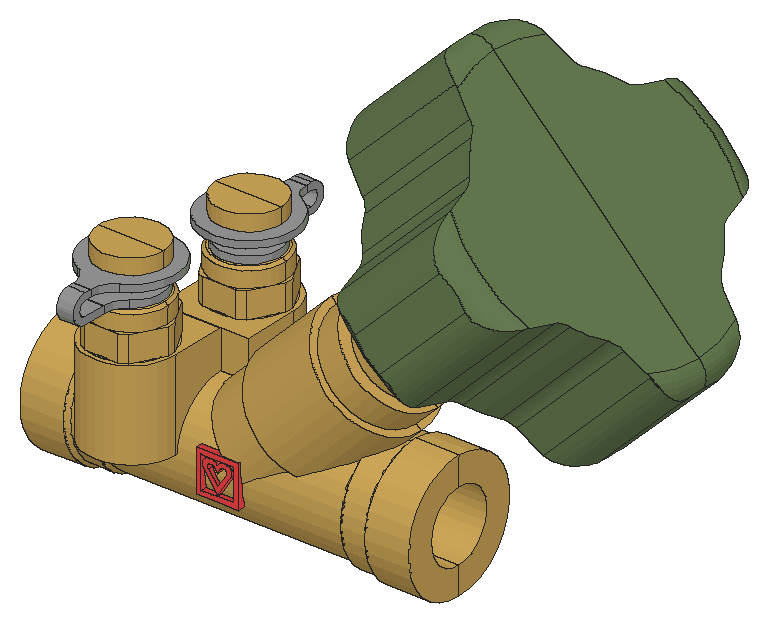
Revit family "Strangregulierventil mit Messblende für Trinkwasseranlagen 4017 MW", category Rohrzubehör, Revit 2021
Family settings
  Bemaßung runder Anschluss = Durchmesser verwenden
  Teiletyp = Unterbricht
  OmniClass-Nummer = 23.65.55.14
  OmniClass-Titel = Valves for Liquid Services
  Arbeitsebenenbasiert = Nein
  Immer vertikal = Ja
  Beim Laden mit Abzugskörper schneiden = Nein
  Gemeinsam genutzt = Nein
Parameters
  kvs-Wert [instance] = if(Nennweite = 15.000 mm, 2, if(Nennweite = 20.000 mm, 3.6, if(Nennweite = 25.000 mm, 6.5, if(Nennweite = 32.000 mm, 13.3, if(Nennweite = 40.000 mm, 18.5, if(Nennweite = 50.000 mm, 33, 0))))))  # 2
  kv-Wert der Blende [instance] = if(Nennweite = 15.000 mm, 1.95, if(Nennweite = 20.000 mm, 3.95, if(Nennweite = 25.000 mm, 7.9, if(Nennweite = 32.000 mm, 15.75, if(Nennweite = 40.000 mm, 21.5, if(Nennweite = 50.000 mm, 46.7, 0))))))  # 1.95
  W01 = 45.00°  # constant formula
  Vorgabe-Ansicht = 0.000 mm
  URL = "www.herz-armaturen.at"
  SW01 = 60.00°  # constant formula
  SCRNSEQ = "FW;SBT_TYP_FW=\"109\";2"
  SCRNCODE = "04;00;02"  # constant formula
  S03 = 60.000 mm  # constant formula
  S02 [instance] = L04 + L06 + L07  # 76.800 mm
  S01 [instance] = D01 * 2  # 27.000 mm
  R03 = 21.500 mm  # constant formula
  R02 = 9.500 mm  # constant formula
  R01 = 12.000 mm  # constant formula
  O-Ringe = "EPDM"  # constant formula
  Medium = "Trinkwasser"  # constant formula
  L10 [instance] = size_lookup("4017_MW_", "L10", 1.000 mm, Nennweite)  # 28.500 mm
  L09 [instance] = size_lookup("4017_MW_", "L9", 1.000 mm, Nennweite)  # 22.500 mm
  L08 [instance] = size_lookup("4017_MW_", "L8", 1.000 mm, Nennweite)  # 12.700 mm
  L07 [instance] = size_lookup("4017_MW_", "L7", 1.000 mm, Nennweite)  # 35.100 mm
  L06 [instance] = size_lookup("4017_MW_", "L6", 1.000 mm, Nennweite)  # 6.500 mm
  L05 [instance] = size_lookup("4017_MW_", "L5", 1.000 mm, Nennweite)  # 20.200 mm
  L04 [instance] = size_lookup("4017_MW_", "L4", 1.000 mm, Nennweite)  # 35.200 mm
  L03 [instance] = size_lookup("4017_MW_", "L3", 1.000 mm, Nennweite)  # 1.000 mm
  Hinweis = "Gemäß Art 33 der REACH-Verordnung (EG Nr. 1907/2006) sind wir verpflichtet, darauf hinzuweisen, dass der Stoff Blei auf der SVHC-Liste geführt wird und dass alle aus Messing bestehenden Bauteile, die in unseren Erzeugnissen verarbeitet sind, mehr als 0,1 % (w/w) Blei (CAS: 7439-92-1 / EINECS: 231-100-4) enthalten.\r\nDa Blei als Legierungsbestandteil fest gebunden ist, sind keine Expositionen zu erwarten und daher sind keine zusätzlichen Angaben zur sicheren Verwendung notwendig."
  Handrad = "Kunststoff, grün"  # constant formula
  H03 [instance] = H01 - 19.000 mm  # 1.000 mm
  H02 = 13.000 mm  # constant formula
  Gehäuse = "entzinkungsbeständiges Messing (DZR)"  # constant formula
  E01 [instance] = L00 / -2  # -41.500 mm
  E00 = 0.000 mm  # constant formula
  D09 [instance] = size_lookup("4017_MW_", "D9", 1.000 mm, Nennweite)  # 11.750 mm
  D08 [instance] = size_lookup("4017_MW_", "D8", 1.000 mm, Nennweite)  # 9.500 mm
  D07 [instance] = size_lookup("4017_MW_", "D7", 1.000 mm, Nennweite)  # 12.000 mm
  D06 [instance] = size_lookup("4017_MW_", "D6", 1.000 mm, Nennweite)  # 13.500 mm
  D05 [instance] = size_lookup("4017_MW_", "D5", 1.000 mm, Nennweite)  # 12.500 mm
  D04 [instance] = Nennweite / 2  # 7.500 mm
  IG [instance] = Nennweite / 2  # 7.500 mm
  D03 [instance] = size_lookup("4017_MW_", "D3", 1.000 mm, Nennweite)  # 11.900 mm
  D02 [instance] = size_lookup("4017_MW_", "D2", 1.000 mm, Nennweite)  # 12.700 mm
  D01 [instance] = size_lookup("4017_MW_", "D1", 1.000 mm, Nennweite)  # 13.500 mm
  Nennweite [instance] = 15.000 mm
  Max. Differenzdruck bei geschlossenen Sitz = 1000000.0 Pa  # constant formula
  Max. Betriebstemperatur bei 10 bar = 85 °C  # constant formula
  Max. Betriebsdruck bei 20°C = 2000000.0 Pa  # constant formula
  L02 [instance] = size_lookup("4017_MW_", "L2", 1.000 mm, Nennweite)  # 5.000 mm
  L01 [instance] = size_lookup("4017_MW_", "L1", 1.000 mm, Nennweite)  # 9.250 mm
  L00 [instance] = size_lookup("4017_MW_", "L", 1.000 mm, Nennweite)  # 83.000 mm
  Hersteller = "HERZ Armaturen Ges.m.b.H."  # constant formula
  H01 [instance] = size_lookup("4017_MW_", "H1", 1.000 mm, Nennweite)  # 20.000 mm
  GT [instance] = size_lookup("4017_MW_", "GT", 1.000 mm, Nennweite)  # 13.200 mm
  DN50 [instance] = Nennweite = 50.000 mm  # no
  DN40 [instance] = Nennweite = 40.000 mm  # no
  DN32 [instance] = Nennweite = 32.000 mm  # no
  DN25 [instance] = Nennweite = 25.000 mm  # no
  DN20 [instance] = Nennweite = 20.000 mm  # no
  DN15 [instance] = Nennweite = 15.000 mm  # yes
  Bestellnummer [instance] = size_lookup("4017_MW_", "Artnr", 0, Nennweite)  # 2401701
  Ausführung = "Nach Norm BS 7350 PN20 Serie B\r\nSchrägsitzregulierventil aus Kupferlegierung.\r\nAlle wasserberührten Metallteile sind aus entzinkungsbeständiger Kupferlegierung hergestellt.\r\nDie Oberteile sind mit nichtsteigender Spindel ausgestattet."
  Anwendungsgebiet = "Zum Absperren und Regulieren von Trinkwasseranlagen in Gebäuden bzw. zum hydraulischen Abgleich von Versorgungsleitungen."
Reference planes
  plane 1 "Mitte (Vorne/hinten)": y = 0
  plane 2: z = 0
  plane 3 "Mitte (Links/rechts)": x = 0
Forms (mm)
  Revolve 1, solid, material "Messing, weicher Gelbton, geschweißt", detail levels fine
    sketch origin (470, 0, 0) x (1, 0, 0) y (0, 0, 1)
      loop
        line (-511.5, 7.5) -> (-498.3, 7.5) -> (-498.3, 0) -> (-441.7, 0) -> (-441.7, 7.5) -> (-428.5, 7.5) -> (-428.5, 13.5) -> (-437.75, 13.5) -> (-438.55, 12.7) -> (-443.55, 12.7) -> (-444.35, 11.9) -> (-495.65, 11.9) -> (-496.45, 12.7) -> (-501.45, 12.7) -> (-502.25, 13.5) -> (-511.5, 13.5) -> (-511.5, 7.5)
      axis (-511.5, 0) -> (-428.5, 0)
    angle from 0 to 360
  Revolve 2, solid, material "Messing, weicher Gelbton, geschweißt", detail levels fine
    sketch origin (0.32, 0, -0.105) x (1, 0, 0) y (0, 0, 1)
      loop
        line (-1.32, 0.105) -> (52.986, 54.411) -> (44.677, 62.719) -> (35.697, 53.739) -> (37.288, 52.148) -> (21.449, 36.309) -> (19.681, 38.076) -> (15.085, 33.48) -> (14.024, 34.541) -> (-0.259, 20.257) -> (0.448, 19.55) -> (-7.098, 12.005) -> (-6.623, 5.408) -> (-1.32, 0.105)
      axis (-1.32, 0.105) -> (52.986, 54.411)
    angle from 0 to 360
  Extrusion 3, solid, material "Messing, weicher Gelbton, geschweißt", detail levels fine
    sketch origin (0, 0, 0) x (1, 0, 0) y (0, 1, 0)
      loop
        arc (-28.5, -12) -> (-19, -21.5) -> (-9.5, -12) r 9.5
        line (-9.5, -12) -> (-9.5, 0) -> (-28.5, 0) -> (-28.5, -12)
    from 1 <- "H03" to 20 <- "H01"
  Extrusion 4, solid, material "Messing, weicher Gelbton, geschweißt", detail levels fine
    sketch origin (0, 0, 0) x (1, 0, 0) y (0, 1, 0)
      loop
        line (-22.5, 12) -> (-22.5, 0) -> (-3.5, 0) -> (-3.5, 12)
        arc (-3.5, 12) -> (-13, 21.5) -> (-22.5, 12) r 9.5
    from 0 to 20 <- "H01"
Lines and regions (mm)
  model lines, detail levels coarse+medium
    curve 1: line (-41.5, 0, 13.5) -> (-41.5, 0, -13.5)
    curve 2: line (-41.5, 0, -13.5) -> (41.5, 0, 13.5)
    curve 3: line (41.5, 0, 13.5) -> (41.5, 0, -13.5)
    curve 4: line (41.5, 0, -13.5) -> (-41.5, 0, 13.5)
    curve 5: line (0, 0, 0) -> (38.4, 0, 66.511)
    curve 6: line (12.419, 0, 81.511) -> (64.381, 0, 51.511)
    curve 7: line (-41.5, -13.5, 0) -> (-41.5, 13.5, 0)
    curve 8: line (-41.5, 13.5, 0) -> (41.5, -13.5, 0)
    curve 9: line (41.5, -13.5, 0) -> (41.5, 13.5, 0)
    curve 10: line (41.5, 13.5, 0) -> (-41.5, -13.5, 0)
    curve 11: line (0, 0, 0) -> (38.4, 66.511, 0)
    curve 12: line (12.419, 81.511, 0) -> (64.381, 51.511, 0)
Dimensions and locks
  "L00": Revolve 1 sketch curve to Revolve 1 sketch curve
  equal spacing: Revolve 1 sketch curve, plane 3 "Mitte (Links/rechts)", Revolve 1 sketch curve
  "D01": Revolve 1 sketch curve to Revolve 1 sketch curve  (x2)
  "GT": Revolve 1 sketch curve to Revolve 1 sketch curve  (x2)
  "D06": Revolve 2 sketch curve to Revolve 2 sketch curve
  "D07": Revolve 2 sketch curve to Revolve 2 sketch curve
  "D08": Revolve 2 sketch curve to Revolve 2 sketch curve
  "D09": Revolve 2 sketch curve to Revolve 2 sketch curve
  equal spacing: curve 1, plane 3 "Mitte (Links/rechts)", curve 3
  "L00": curve 1 to curve 3
  equal spacing: curve 4, plane 2, curve 2
  "S01": curve 4 to curve 1
  "S01": curve 3 to curve 4
  equal spacing: curve 3, plane 2, curve 4
  "S02": curve 5 to curve 5
  equal spacing: curve 6, curve 5, curve 6
  "S03": curve 6 to curve 6
  equal spacing: curve 7, plane 3 "Mitte (Links/rechts)", curve 9
  "L00": curve 7 to curve 9
  equal spacing: curve 10, plane 1 "Mitte (Vorne/hinten)", curve 8
  "S01": curve 8 to curve 10
  equal spacing: curve 9, plane 1 "Mitte (Vorne/hinten)", curve 10
  "S01": curve 10 to curve 9
  "S02": curve 11 to curve 11
  equal spacing: curve 12, curve 11, curve 12
  "S03": curve 12 to curve 12
  "L01": Revolve 1 sketch curve to Revolve 1 sketch curve  (x2)
  "D02": Revolve 1 sketch curve to plane 2  (x2)
  "D03": Revolve 1 sketch curve to plane 2
  "IG": Revolve 1 sketch curve to plane 2  (x2)
  "L02": Revolve 1 sketch curve to Revolve 1 sketch curve  (x2)
  "L04": Revolve 2 sketch curve to Revolve 2 sketch curve
  "L05": Revolve 2 sketch curve to Revolve 2 sketch curve
  "D03": Revolve 2 sketch curve to plane 2
  "L06": Revolve 2 sketch curve to Revolve 2 sketch curve
  "L08": Revolve 2 sketch curve to Revolve 2 sketch curve
  "L07": Revolve 2 sketch curve to Revolve 2 sketch curve
  "D04": Revolve 2 sketch curve to Revolve 2 sketch curve
  "D05": Revolve 2 sketch curve to Revolve 2 sketch curve
  "L03": plane 3 "Mitte (Links/rechts)" to Revolve 2 sketch curve  (x2)
  "D03": nested 1 to plane 1 "Mitte (Vorne/hinten)"
  "L09": Revolve 1 to Extrusion 3 sketch curve
  "R01": Extrusion 3 sketch curve to plane 1 "Mitte (Vorne/hinten)"
  "R01": plane 1 "Mitte (Vorne/hinten)" to Extrusion 4 sketch curve
  "L10": Revolve 1 to Extrusion 4 sketch curve
  "H01": nested 3 to plane 2
  "H01": nested 2 to plane 2
  "R01": nested 3 to plane 1 "Mitte (Vorne/hinten)"
  "R01": plane 1 "Mitte (Vorne/hinten)" to nested 2
  "L10": Revolve 1 to nested 2
  "L09": Revolve 1 to nested 3
  "R02": radius of Extrusion 3 sketch curve
  "R02": radius of Extrusion 4 sketch curve
  "W01": angle level to Revolve 2 sketch curve
  "SW01": angle plane 2 to curve 5
  "SW01": angle plane 1 "Mitte (Vorne/hinten)" to curve 11
  "W01": angle Revolve 1 sketch curve to Revolve 1 sketch curve  (x4)
  "W01": angle plane 2 to Revolve 2 sketch curve
  aligned and locked: level to plane 2
Automatic sketch dimensions
  curve 5 to level = 0.000 mm
  plane 1 "Mitte (Vorne/hinten)" to curve 11 = 0.000 mm
  Revolve 1 sketch curve to level = 0.000 mm  (x2)
  Revolve 1 sketch curve to Revolve 1 sketch curve = 791.990 mm
  Revolve 1 sketch curve to Revolve 1 sketch curve = 2278.983 mm
  Revolve 2 sketch curve to level = 0.000 mm  (x2)
  plane 1 "Mitte (Vorne/hinten)" to Extrusion 3 sketch curve = 0.000 mm
  plane 1 "Mitte (Vorne/hinten)" to Extrusion 4 sketch curve = 0.000 mm
Nested families
  nested 1: "Herz-Logo-vorne" at (0, -11.9, 0) x (0, 1, 0) z (0, 0, 1), type "Herz-Logo-vorne", detail levels fine
  nested 2: "Messstutzen_Band_Austritt_senkrecht_(oben)" at (-13, 12, 2.5), type "Messstutzen_Band_Austritt_senkrecht_(oben)"
    with Schutzkappe yes, Nennweite 0.000 mm, Gewicht 0.00 kg, Bestellnummer 0
  nested 3: "Messstutzen_Band_Eintritt_senkrecht_(oben)" at (-19, -12, 2.5) x (-1, 0, 0) z (0, 0, 1), type "Messstutzen_Band_Eintritt_senkrecht_(oben)"
    with Schutzkappe yes, Nennweite 0.000 mm, Gewicht 0.00 kg, Bestellnummer 0
  nested 4: "Strangregulierventil-Handrad (Grün) DN15-DN32" at (53.306, 0, 54.306), visible <- "DN15", type "Strangregulierventil-Handrad (Grün) DN15-DN32"
    with Nennweite 0.000 mm, Gewicht 0.00 kg, Bestellnummer 0
  nested 5: "Strangregulierventil-Handrad (Grün) DN15-DN32" at (55.846, 0, 56.846), visible <- "DN20", type "Strangregulierventil-Handrad (Grün) DN15-DN32"
    with Nennweite 0.000 mm, Gewicht 0.00 kg, Bestellnummer 0
  nested 6: "Strangregulierventil-Handrad (Grün) DN15-DN32" at (64.569, 0, 70.069), visible <- "DN25", type "Strangregulierventil-Handrad (Grün) DN15-DN32"
    with Nennweite 0.000 mm, Gewicht 0.00 kg, Bestellnummer 0
  nested 7: "Strangregulierventil-Handrad (Grün) DN15-DN32" at (67.426, 0, 76.226), visible <- "DN32", type "Strangregulierventil-Handrad (Grün) DN15-DN32"
    with Nennweite 0.000 mm, Gewicht 0.00 kg, Bestellnummer 0
  nested 8: "Strangregulierventil-Handrad (Grün) DN40-DN50" at (76.747, 0, 88.247), visible <- "DN40", type "Strangregulierventil-Handrad (Grün) DN40-DN50"
    with Nennweite 0.000 mm, Gewicht 0.00 kg, Bestellnummer 0
  nested 9: "Strangregulierventil-Handrad (Grün) DN40-DN50" at (75.124, 0, 91.924), visible <- "DN50", type "Strangregulierventil-Handrad (Grün) DN40-DN50"
    with Nennweite 0.000 mm, Gewicht 0.00 kg, Bestellnummer 0
Connectors
  piping at (-28.3, 0, 0), diameter 15, driven by "Nennweite"
    settings: on Revolve 1, index 1, connector inside diameter 609.6 mm, connector length 0.000 mm, flow factor 0, pipe flow 0.0 L/s, pressure drop 0.0 Pa, fitting loss kfactor 0, connector angle 0.00°, fixture units 0, engagement length 0.000 mm, angle of deflection 0.00°, flow configuration 0, flow direction 1, fitting loss method 0, system type 29, joint type 0, gender type 0, connector reference index -1, connector utility 0, adjustable connector no, is connector primary yes, connector description ""
  piping at (28.3, 0, 0), diameter 15, driven by "Nennweite"
    settings: on Revolve 1, index 2, connector inside diameter 609.6 mm, connector length 0.000 mm, flow factor 0, pipe flow 0.0 L/s, pressure drop 0.0 Pa, fitting loss kfactor 0, connector angle 0.00°, fixture units 0, engagement length 0.000 mm, angle of deflection 0.00°, flow configuration 0, flow direction 2, fitting loss method 0, system type 29, joint type 0, gender type 0, connector reference index -1, connector utility 0, adjustable connector no, is connector primary no, connector description ""
Definition of nested family "Herz-Logo-vorne"
  Parameters (values of type "Herz-Logo-vorne")
    Default Elevation = 0.000 mm
  Reference planes
    plane 1 "Mitte (Vorne/hinten)": y = 0
    plane 2: z = 0
    plane 3 "Mitte (Links/rechts)": x = 0
  Forms (mm)
    Extrusion 1, solid
      sketch origin (0.732, -0.018, 0.017) x (0, -1, 0) y (0, 0, 1)
        loop
          line (-0.018, -4.517) -> (4.482, -4.517) -> (4.482, 4.483) -> (-4.518, 4.483) -> (-4.518, -4.517) -> (-0.018, -4.517)
        loop
          line (-0.05, -3.48) -> (3.482, -3.48) -> (3.482, 3.483) -> (-3.518, 3.483) -> (-3.518, -3.48) -> (-0.05, -3.48)
        loop
          arc (-0.018, 2.383) -> (-1.543, 3.287) -> (-3.067, 2.383) r 1.738
          arc (-3.067, 2.383) -> (-3.191, 1.899) -> (-3.067, 1.415) r 1.009
          line (-3.067, 1.415) -> (-0.018, -3.281) -> (3.032, 1.415)
          arc (3.032, 1.415) -> (3.156, 1.899) -> (3.032, 2.383) r 1.009
          arc (3.032, 2.383) -> (1.507, 3.287) -> (-0.018, 2.383) r 1.738
        loop
          arc (1.885, 1.272) -> (2.005, 1.675) -> (1.885, 2.079) r 0.74
          arc (1.885, 2.079) -> (1.265, 2.416) -> (0.644, 2.079) r 0.74
          line (0.644, 2.079) -> (-0.018, 0.97) -> (-0.679, 2.079)
          arc (-0.679, 2.079) -> (-1.3, 2.416) -> (-1.921, 2.079) r 0.74
          arc (-1.921, 2.079) -> (-2.04, 1.675) -> (-1.921, 1.272) r 0.74
          line (-1.921, 1.272) -> (-0.018, -1.658) -> (1.885, 1.272)
      from 0 to 1.5
  Dimensions and locks
    aligned and locked: level to plane 2
Definition of nested family "Messstutzen_Band_Austritt_senkrecht_(oben)"
  Parameters (values of type "Messstutzen_Band_Austritt_senkrecht_(oben)")
    Default Elevation = 0.000 mm
    URL = "www.herz-armaturen.at"
    Schutzkappe [instance] = yes
    Nennweite [instance] = 0.000 mm
    Manufacturer = "Herz Armaturen GmbH"  # constant formula
    Gewicht [instance] = 0.00 kg
    Bestellnummer [instance] = 0
  Reference planes
    plane 1 "Mitte (Vorne/hinten)": y = 0
    plane 2: z = 0
    plane 3 "Mitte (Links/rechts)": x = 0
    plane 4 "Schlaufe 1": z = -27
    plane 5 "Schlaufe 2": z = -31.678
  Forms (mm)
    Revolve 1, solid, detail levels fine
      sketch origin (0, 0, 0) x (1, 0, 0) y (0, 0, 1)
        loop
          line (-7.4, 9) -> (-5.55, 9) -> (-5.55, 6)
          arc (-5.55, 6) -> (-5.626, 5.617) -> (-5.843, 5.293) r 1
          line (-5.843, 5.293) -> (-6.455, 4.681) -> (-6.455, 0.9) -> (-5.555, 0) -> (-2, 0) -> (-2, 17.5) -> (-8.4, 17.5)
          arc (-8.4, 17.5) -> (-7.693, 17.207) -> (-7.4, 16.5) r 1
          line (-7.4, 16.5) -> (-7.4, 9)
        loop
          line (-3.7, 27) -> (-7.3, 27) -> (-7.9, 26.4) -> (-7.9, 23) -> (-2, 23) -> (-2, 35.8) -> (-3.805, 35.8) -> (-4.415, 35.19) -> (-4.415, 30.863) -> (-3.7, 30.45) -> (-3.7, 27)
        axis (0, 0) -> (0, 35.8)
      angle from 0 to 360
    Extrusion 2, solid, detail levels fine
      sketch origin (0, 0, 17.5) x (0, 1, 0) y (-1, 0, 0)
        loop
          arc (-7.07, 5.156) -> (-7.578, 4.375) -> (-8, 3.544) r 8.75
          line (-8, 3.544) -> (-8, -3.544)
          arc (-8, -3.544) -> (-7.578, -4.375) -> (-7.07, -5.156) r 8.75
          line (-7.07, -5.156) -> (-0.93, -8.7)
          arc (-0.93, -8.7) -> (0, -8.75) -> (0.93, -8.7) r 8.75
          line (0.93, -8.7) -> (7.07, -5.156)
          arc (7.07, -5.156) -> (7.578, -4.375) -> (8, -3.544) r 8.75
          line (8, -3.544) -> (8, 3.544)
          arc (8, 3.544) -> (7.578, 4.375) -> (7.07, 5.156) r 8.75
          line (7.07, 5.156) -> (0.93, 8.7)
          arc (0.93, 8.7) -> (0, 8.75) -> (-0.93, 8.7) r 8.75
          line (-0.93, 8.7) -> (-7.07, 5.156)
      from 0 to 5.5
    Revolve 3, solid, visible <- "Schutzkappe", detail levels fine
      sketch origin (0, 0, 0) x (1, 0, 0) y (0, 0, 1)
        loop
          line (0, 35.878) -> (0, 36.678) -> (-7, 36.678) -> (-7, 33.378) -> (-6.1, 33.378) -> (-6.1, 31.678) -> (-6.9, 31.678) -> (-6.9, 30.178) -> (-4.415, 30.178) -> (-4.415, 35.268) -> (-3.805, 35.878) -> (0, 35.878)
        axis (0, 30.178) -> (0, 36.678)
      angle from 0 to 360
    Extrusion 4, solid, detail levels fine
      sketch origin (0, 0, 28.5) x (1, 0, 0) y (0, 1, 0)
        loop
          circle (0, 0) r 3.7
        loop
          arc (-3.906, 5.505) -> (0, -6.75) -> (3.906, 5.505) r 6.75
          arc (3.906, 5.505) -> (2.358, 7.288) -> (1.8, 9.582) r 5
          line (1.8, 9.582) -> (-1.8, 9.582)
          arc (-1.8, 9.582) -> (-2.358, 7.288) -> (-3.906, 5.505) r 5
      from 0 to -1.5
    Extrusion 5, solid, detail levels fine
      sketch origin (0, 0, 33.178) x (1, 0, 0) y (0, 1, 0)
        loop
          circle (0, 0) r 6.1
        loop
          arc (-4.495, 8.652) -> (0, -9.75) -> (4.495, 8.652) r 9.75
          arc (4.495, 8.652) -> (2.527, 10.493) -> (1.8, 13.089) r 5
          line (1.8, 13.089) -> (-1.8, 13.089)
          arc (-1.8, 13.089) -> (-2.527, 10.493) -> (-4.495, 8.652) r 5
      from 0 to -1.5
    Sweep 6, solid, detail levels fine
      path origin (0, 0, 0) x (0, 0, -1) y (0, -1, 0)
        loop
          line (-27.75, -9.582) -> (-27.75, -14.522)
          arc (-27.75, -14.522) -> (-30.089, -16.862) -> (-32.428, -14.522) r 2.339
          line (-32.428, -14.522) -> (-32.428, -13.089)
      profile origin (0, 12.052, 27.75) x (0, 0, 1) y (1, 0, 0)
        loop
          line (-0.75, -1.8) -> (0.75, -1.8) -> (0.75, 1.8) -> (-0.75, 1.8) -> (-0.75, -1.8)
  Dimensions and locks
    aligned and locked: level to plane 2
Definition of nested family "Messstutzen_Band_Eintritt_senkrecht_(oben)"
  Parameters (values of type "Messstutzen_Band_Eintritt_senkrecht_(oben)")
    Default Elevation = 0.000 mm
    URL = "www.herz-armaturen.at"
    Schutzkappe [instance] = yes
    Nennweite [instance] = 0.000 mm
    Manufacturer = "Herz Armaturen GmbH"  # constant formula
    Gewicht [instance] = 0.00 kg
    Bestellnummer [instance] = 0
  Reference planes
    plane 1 "Mitte (Vorne/hinten)": y = 0
    plane 2: z = 0
    plane 3 "Mitte (Links/rechts)": x = 0
    plane 4 "Schlaufe 1": z = -27
    plane 5 "Schlaufe 2": z = -31.678
  Forms (mm)
    Revolve 1, solid, detail levels fine
      sketch origin (0, 0, 0) x (1, 0, 0) y (0, 0, 1)
        loop
          line (-7.4, 9) -> (-5.55, 9) -> (-5.55, 6)
          arc (-5.55, 6) -> (-5.626, 5.617) -> (-5.843, 5.293) r 1
          line (-5.843, 5.293) -> (-6.455, 4.681) -> (-6.455, 0.9) -> (-5.555, 0) -> (-2, 0) -> (-2, 17.5) -> (-8.4, 17.5)
          arc (-8.4, 17.5) -> (-7.693, 17.207) -> (-7.4, 16.5) r 1
          line (-7.4, 16.5) -> (-7.4, 9)
        loop
          line (-3.7, 27) -> (-7.3, 27) -> (-7.9, 26.4) -> (-7.9, 23) -> (-2, 23) -> (-2, 35.8) -> (-3.805, 35.8) -> (-4.415, 35.19) -> (-4.415, 30.863) -> (-3.7, 30.45) -> (-3.7, 27)
        axis (0, 0) -> (0, 35.8)
      angle from 0 to 360
    Extrusion 2, solid, detail levels fine
      sketch origin (0, 0, 17.5) x (0, 1, 0) y (-1, 0, 0)
        loop
          arc (-7.07, 5.156) -> (-7.578, 4.375) -> (-8, 3.544) r 8.75
          line (-8, 3.544) -> (-8, -3.544)
          arc (-8, -3.544) -> (-7.578, -4.375) -> (-7.07, -5.156) r 8.75
          line (-7.07, -5.156) -> (-0.93, -8.7)
          arc (-0.93, -8.7) -> (0, -8.75) -> (0.93, -8.7) r 8.75
          line (0.93, -8.7) -> (7.07, -5.156)
          arc (7.07, -5.156) -> (7.578, -4.375) -> (8, -3.544) r 8.75
          line (8, -3.544) -> (8, 3.544)
          arc (8, 3.544) -> (7.578, 4.375) -> (7.07, 5.156) r 8.75
          line (7.07, 5.156) -> (0.93, 8.7)
          arc (0.93, 8.7) -> (0, 8.75) -> (-0.93, 8.7) r 8.75
          line (-0.93, 8.7) -> (-7.07, 5.156)
      from 0 to 5.5
    Revolve 3, solid, visible <- "Schutzkappe", detail levels fine
      sketch origin (0, 0, 0) x (1, 0, 0) y (0, 0, 1)
        loop
          line (0, 35.878) -> (0, 36.678) -> (-7, 36.678) -> (-7, 33.378) -> (-6.1, 33.378) -> (-6.1, 31.678) -> (-6.9, 31.678) -> (-6.9, 30.178) -> (-4.415, 30.178) -> (-4.415, 35.268) -> (-3.805, 35.878) -> (0, 35.878)
        axis (0, 30.178) -> (0, 36.678)
      angle from 0 to 360
    Extrusion 4, solid, detail levels fine
      sketch origin (0, 0, 28.5) x (1, 0, 0) y (0, 1, 0)
        loop
          circle (0, 0) r 3.7
        loop
          arc (-3.906, 5.505) -> (0, -6.75) -> (3.906, 5.505) r 6.75
          arc (3.906, 5.505) -> (2.358, 7.288) -> (1.8, 9.582) r 5
          line (1.8, 9.582) -> (-1.8, 9.582)
          arc (-1.8, 9.582) -> (-2.358, 7.288) -> (-3.906, 5.505) r 5
      from 0 to -1.5
    Extrusion 5, solid, detail levels fine
      sketch origin (0, 0, 33.178) x (1, 0, 0) y (0, 1, 0)
        loop
          circle (0, 0) r 6.1
        loop
          arc (-4.495, 8.652) -> (0, -9.75) -> (4.495, 8.652) r 9.75
          arc (4.495, 8.652) -> (2.527, 10.493) -> (1.8, 13.089) r 5
          line (1.8, 13.089) -> (-1.8, 13.089)
          arc (-1.8, 13.089) -> (-2.527, 10.493) -> (-4.495, 8.652) r 5
      from 0 to -1.5
    Sweep 6, solid, detail levels fine
      path origin (0, 0, 0) x (0, 0, -1) y (0, -1, 0)
        loop
          line (-27.75, -9.582) -> (-27.75, -14.522)
          arc (-27.75, -14.522) -> (-30.089, -16.862) -> (-32.428, -14.522) r 2.339
          line (-32.428, -14.522) -> (-32.428, -13.089)
      profile origin (0, 12.052, 27.75) x (0, 0, 1) y (1, 0, 0)
        loop
          line (-0.75, -1.8) -> (0.75, -1.8) -> (0.75, 1.8) -> (-0.75, 1.8) -> (-0.75, -1.8)
  Dimensions and locks
    aligned and locked: level to plane 2
Definition of nested family "Strangregulierventil-Handrad (Grün) DN15-DN32"
  Parameters (values of type "Strangregulierventil-Handrad (Grün) DN15-DN32")
    Default Elevation = 0.000 mm
    URL = "www.herz-armaturen.at"
    Nennweite [instance] = 0.000 mm
    Manufacturer = "Herz Armaturen GmbH"  # constant formula
    Gewicht [instance] = 0.00 kg
    Bestellnummer [instance] = 0
  Reference planes
    plane 1 "Mitte (Vorne/hinten)": y = 0
    plane 2: z = 0
    plane 3 "Mitte (Links/rechts)": x = 0
  Forms (mm)
    Revolve 1, solid, detail levels fine
      sketch origin (0, 0, 0) x (0.707107, 0, -0.707107) y (0.707107, 0, 0.707107)
        loop
          line (0, 0) -> (0, 24.95) -> (-30.992, 24.95)
          arc (-30.992, 24.95) -> (-34.37, 23.636) -> (-35.973, 20.386) r 5
          line (-35.973, 20.386) -> (-37, 8.65) -> (-35.986, -2.936)
          arc (-35.986, -2.936) -> (-34.383, -6.186) -> (-31.005, -7.5) r 5
          line (-31.005, -7.5) -> (-15, -7.5) -> (-15, 0) -> (0, 0)
        axis (0, 24.95) -> (0, -7.5)
      angle from 0 to 360
    Extrusion 2, void
      sketch origin (14.354, 0, 14.354) x (0.707107, 0, -0.707107) y (0, 1, 0)
        loop
          line (3.861, 35.5) -> (-3.861, 35.5)
          arc (-3.861, 35.5) -> (-8.731, 33.847) -> (-11.589, 29.571) r 8
          line (-11.589, 29.571) -> (-13.284, 23.245)
          arc (-13.284, 23.245) -> (-13.982, 21.722) -> (-15.144, 20.516) r 5
          arc (-15.144, 20.516) -> (-18.031, 18.031) -> (-20.516, 15.144) r 25.5
          arc (-20.516, 15.144) -> (-21.722, 13.982) -> (-23.245, 13.284) r 5
          line (-23.245, 13.284) -> (-29.571, 11.589)
          arc (-29.571, 11.589) -> (-33.847, 8.731) -> (-35.5, 3.861) r 8
          line (-35.5, 3.861) -> (-35.5, -3.861)
          arc (-35.5, -3.861) -> (-33.847, -8.731) -> (-29.571, -11.589) r 8
          line (-29.571, -11.589) -> (-23.245, -13.284)
          arc (-23.245, -13.284) -> (-21.722, -13.982) -> (-20.516, -15.144) r 5
          arc (-20.516, -15.144) -> (-18.031, -18.031) -> (-15.144, -20.516) r 25.5
          arc (-15.144, -20.516) -> (-13.982, -21.722) -> (-13.284, -23.245) r 5
          line (-13.284, -23.245) -> (-11.589, -29.571)
          arc (-11.589, -29.571) -> (-8.731, -33.847) -> (-3.861, -35.5) r 8
          line (-3.861, -35.5) -> (3.861, -35.5)
          arc (3.861, -35.5) -> (8.731, -33.847) -> (11.589, -29.571) r 8
          line (11.589, -29.571) -> (13.284, -23.245)
          arc (13.284, -23.245) -> (13.982, -21.722) -> (15.144, -20.516) r 5
          arc (15.144, -20.516) -> (18.031, -18.031) -> (20.516, -15.144) r 25.5
          arc (20.516, -15.144) -> (21.722, -13.982) -> (23.245, -13.284) r 5
          line (23.245, -13.284) -> (29.571, -11.589)
          arc (29.571, -11.589) -> (33.847, -8.731) -> (35.5, -3.861) r 8
          line (35.5, -3.861) -> (35.5, 3.861)
          arc (35.5, 3.861) -> (33.847, 8.731) -> (29.571, 11.589) r 8
          line (29.571, 11.589) -> (23.245, 13.284)
          arc (23.245, 13.284) -> (21.722, 13.982) -> (20.516, 15.144) r 5
          arc (20.516, 15.144) -> (18.031, 18.031) -> (15.144, 20.516) r 25.5
          arc (15.144, 20.516) -> (13.982, 21.722) -> (13.284, 23.245) r 5
          line (13.284, 23.245) -> (11.589, 29.571)
          arc (11.589, 29.571) -> (8.731, 33.847) -> (3.861, 35.5) r 8
        loop
          circle (0, 0) r 38
      from -31.266 to 7.923
  Cuts and joins
    Extrusion 2 cuts Revolve 1
  Dimensions and locks
    Revolve 1 sketch curve to Revolve 1 sketch curve = 15.000 mm
    Revolve 1 sketch curve to Revolve 1 sketch curve = 16.150 mm
    Revolve 1 sketch curve to Revolve 1 sketch curve = 16.300 mm
    angle Revolve 1 sketch curve to Revolve 1 sketch curve = 95.00°
    aligned and locked: level to plane 2
Definition of nested family "Strangregulierventil-Handrad (Grün) DN40-DN50"
  Parameters (values of type "Strangregulierventil-Handrad (Grün) DN40-DN50")
    Default Elevation = 0.000 mm
    URL = "www.herz-armaturen.at"
    Nennweite [instance] = 0.000 mm
    Manufacturer = "Herz Armaturen GmbH"  # constant formula
    Gewicht [instance] = 0.00 kg
    Bestellnummer [instance] = 0
  Reference planes
    plane 1 "Mitte (Vorne/hinten)": y = 0
    plane 2: z = 0
    plane 3 "Mitte (Links/rechts)": x = 0
  Forms (mm)
    Revolve 1, solid, detail levels fine
      sketch origin (0, 0, 0) x (0.707107, 0, -0.707107) y (0.707107, 0, 0.707107)
        loop
          line (0, 0) -> (0, 24.95) -> (-50.992, 24.95)
          arc (-50.992, 24.95) -> (-54.37, 23.636) -> (-55.973, 20.386) r 5
          line (-55.973, 20.386) -> (-57, 8.65) -> (-55.986, -2.936)
          arc (-55.986, -2.936) -> (-54.383, -6.186) -> (-51.005, -7.5) r 5
          line (-51.005, -7.5) -> (-15, -7.5) -> (-15, 0) -> (0, 0)
        axis (0, 24.95) -> (0, -7.5)
      angle from 0 to 360
    Extrusion 2, void
      sketch origin (14.354, 0, 14.354) x (0.707107, 0, -0.707107) y (0, 1, 0)
        loop
          line (-55, 6.292) -> (-55, -6.292)
          arc (-55, -6.292) -> (-52.52, -13.597) -> (-46.106, -17.883) r 12
          line (-46.106, -17.883) -> (-35.399, -20.752)
          arc (-35.399, -20.752) -> (-33.541, -21.612) -> (-32.08, -23.047) r 6
          arc (-32.08, -23.047) -> (-27.931, -27.931) -> (-23.047, -32.08) r 39.5
          arc (-23.047, -32.08) -> (-21.612, -33.541) -> (-20.752, -35.399) r 6
          line (-20.752, -35.399) -> (-17.883, -46.106)
          arc (-17.883, -46.106) -> (-13.597, -52.52) -> (-6.292, -55) r 12
          line (-6.292, -55) -> (6.292, -55)
          arc (6.292, -55) -> (13.597, -52.52) -> (17.883, -46.106) r 12
          line (17.883, -46.106) -> (20.752, -35.399)
          arc (20.752, -35.399) -> (21.612, -33.541) -> (23.047, -32.08) r 6
          arc (23.047, -32.08) -> (27.931, -27.931) -> (32.08, -23.047) r 39.5
          arc (32.08, -23.047) -> (33.541, -21.612) -> (35.399, -20.752) r 6
          line (35.399, -20.752) -> (46.106, -17.883)
          arc (46.106, -17.883) -> (52.52, -13.597) -> (55, -6.292) r 12
          line (55, -6.292) -> (55, 6.292)
          arc (55, 6.292) -> (52.52, 13.597) -> (46.106, 17.883) r 12
          line (46.106, 17.883) -> (35.399, 20.752)
          arc (35.399, 20.752) -> (33.541, 21.612) -> (32.08, 23.047) r 6
          arc (32.08, 23.047) -> (27.931, 27.931) -> (23.047, 32.08) r 39.5
          arc (23.047, 32.08) -> (21.612, 33.541) -> (20.752, 35.399) r 6
          line (20.752, 35.399) -> (17.883, 46.106)
          arc (17.883, 46.106) -> (13.597, 52.52) -> (6.292, 55) r 12
          line (6.292, 55) -> (-6.292, 55)
          arc (-6.292, 55) -> (-13.597, 52.52) -> (-17.883, 46.106) r 12
          line (-17.883, 46.106) -> (-20.752, 35.399)
          arc (-20.752, 35.399) -> (-21.612, 33.541) -> (-23.047, 32.08) r 6
          arc (-23.047, 32.08) -> (-27.931, 27.931) -> (-32.08, 23.047) r 39.5
          arc (-32.08, 23.047) -> (-33.541, 21.612) -> (-35.399, 20.752) r 6
          line (-35.399, 20.752) -> (-46.106, 17.883)
          arc (-46.106, 17.883) -> (-52.52, 13.597) -> (-55, 6.292) r 12
        loop
          circle (0, 0) r 60
      from -31.161 to 7.489
  Cuts and joins
    Extrusion 2 cuts Revolve 1
  Dimensions and locks
    Revolve 1 sketch curve to Revolve 1 sketch curve = 15.000 mm
    Revolve 1 sketch curve to Revolve 1 sketch curve = 16.150 mm
    Revolve 1 sketch curve to Revolve 1 sketch curve = 16.300 mm
    Revolve 1 sketch curve to Revolve 1 sketch curve = 57.000 mm
    angle Revolve 1 sketch curve to Revolve 1 sketch curve = 95.00°
    aligned and locked: level to plane 2
